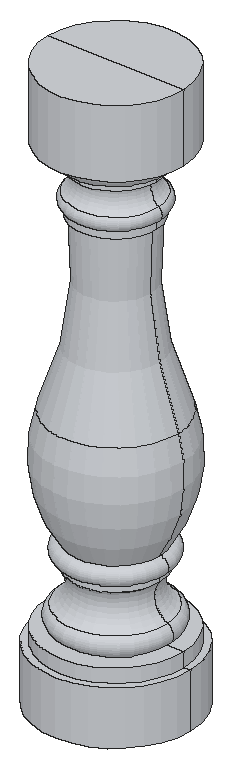
Revit family
Parameters (values of type "Balustrade G21")
  Width = 0' - 5"
  URL = "www.strombergarchitectural.com"
  Top Material = none
  Submittal Sheet = "www.strombergarchitectural.com/images/materials/gfrc/submittal/gfrc-submittal-sheet.pdf"
  Specifications = "www.strombergarchitectural.com/gfrcspecifications"
  Model Cut-sheet = "http://www.strombergarchitectural.com/products/balustrade/design/G21"
  Model = "Balustrade G21"
  Manufacturer = "Stromberg Architectural Products"
  Guidebook = "www.strombergarchitectural.com/images/materials/gfrc/handbooks/gfrc_guidebook.pdf   \r\n(http://www.strombergarchitectural.com/images/materials/gfrc/handbooks/gfrc_guidebook.pdf"
  Description = "GFRC Baluster"
  Assembly Code = ""
  Height = 1' - 9"
  XXX.5 = no
  XXX.4 = no
  XXX.3 = no
  XXX.2 = no
  XXX.1 = yes
Reference planes (in)
  plane 1 "Center (Front/Back)": y = 3.74847
  plane 2: z = 0
  plane 3 "Center (Left/Right)": x = 0.7278
  plane 4 "Front": y = -3.25153
  plane 5 "Back": y = 10.74847
  plane 6 "Left": x = -17.2722
  plane 7 "Right": x = 18.7278
Forms (in)
  Revolve 1, solid
    sketch origin (0, 3.74847, 0) x (1, 0, 0) y (0, 0, 1)
      loop
        line (0.7278, 21) -> (-1.7722, 21) -> (-1.7722, 18.5) -> (-1.3972, 18.5)
        arc (-1.3972, 18.5) -> (-1.21414, 18.05806) -> (-0.7722, 17.875) r 0.625
        line (-0.7722, 17.875) -> (-0.7722, 17.625) -> (-0.6472, 17.625)
        arc (-0.6472, 17.625) -> (-0.58463, 17.17502) -> (-0.85542, 16.81024) r 0.59986
        arc (-0.85542, 16.81024) -> (-0.95662, 16.53749) -> (-0.7722, 16.3125) r 0.29225
        line (-0.7722, 16.3125) -> (-0.7722, 16.0625) -> (-0.6472, 16.0625)
        arc (-0.6472, 16.0625) -> (-0.67332, 12.78149) -> (-1.57206, 9.62586) r 12.21182
        arc (-1.57206, 9.62586) -> (-1.7417, 7.41993) -> (-0.8972, 5.375) r 4.76698
        arc (-0.8972, 5.375) -> (-1.2097, 5.0625) -> (-0.8972, 4.75) r 0.3125
        line (-0.8972, 4.75) -> (-0.8972, 4.5)
        arc (-0.8972, 4.5) -> (-0.7235, 3.79288) -> (-1.17861, 3.2245) r 0.82337
        arc (-1.17861, 3.2245) -> (-1.37485, 2.803) -> (-1.0222, 2.5) r 0.38496
        line (-1.0222, 2.5) -> (-1.7722, 2.5) -> (-1.7722, 2) -> (-2.0222, 2) -> (-2.0222, 0) -> (0.7278, 0) -> (0.7278, 21)
      axis (0.7278, 21) -> (0.7278, 0)
    angle from 0 to 360
Dimensions and locks (in)
  aligned and locked: level to plane 2
